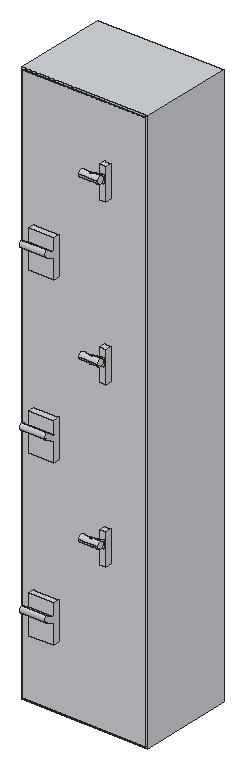
Revit family "M_Centros de controle de motor modular - Corte do disjuntor", category Equipamento elétrico, Revit 2019
Family settings
  Cota do conector redondo = Utilizar diâmetro
  Tipo de parte = Quadro elétrico
  Número OmniClass = 23.80.30.11.17
  Título OmniClass = Distribution Boards and Control Panels
  ID de item do Seek = Modular Motor Control Centers - Circuit Breaker Section-0000-CAN-ENU
  Com base no plano de trabalho = Não
  Sempre na vertical = Sim
  Corte com vazios quando carregada = Não
  Compartilhado = Não
  Ponto de cálculo do ambiente = Não
Parameters (values of type "508mmx381mm")
  Voltagem do interruptor = 480 V
  Material do interruptor = none
  Número de pólos = 3
  built-in parameter 1140079 [instance] = 3
  MCC Largura = Largura do armário + 102 mm  # 483 mm
  MCC Material = none
  Classificação de carga = AVAC
  Meio comprimento = Comprimento do armário / 2  # 254 mm
  built-in parameter 1140083 [instance] = "Tipo 12"
  built-in parameter 1140087 [instance] = 1
  Largura do armário = 381 mm
  Comprimento do armário = 508 mm
Types (4, lengths in mm): name | MCC Largura | Meio comprimento | Largura do armário | Comprimento do armário
  (no name) | 483 | 254 | 381 | 508
  508mmx381mm | 483 | 254 | 381 | 508
  508mmx508mm | 610 | 254 | 508 | 508
  610mmx508mm | 610 | 305 | 508 | 610
Reference planes
  plane 1 "Centro (Frente/Trás)": y = 0
  plane 2: z = 0
  plane 3 "Centro (Esquerda/Direita)": x = 0
  plane 4: y = -483
  plane 5: x = -254
  plane 6: x = 254
  plane 7: y = -381.4
  plane 8: z = 2286
  plane 9: y = -384.575
  plane 10: x = -247.65
  plane 11: x = 247.65
  plane 12: z = 2279.65
  plane 13: z = 6.35
  plane 14: x = -203.2
  plane 15: x = -101.6
  plane 16: y = -435.375
  plane 17: y = -448.075
  plane 18: z = 2063.75
  plane 19: z = 1936.75
  plane 20: x = -152.4
  plane 21: z = 1987.55
  plane 22: x = 95.25
  plane 23: x = 82.55
  plane 24: x = 107.95
  plane 25: x = 92.075
  plane 26: x = 98.425
  plane 27: x = 57.15
  plane 28: x = 133.35
  plane 29: y = -409.975
  plane 30: z = 2031.726
  plane 31: z = 2000.25
  plane 32: y = -470.3
  plane 33: y = -190.7
  plane 34: z = 2050.816
  plane 35: z = 1581.15
  plane 36: z = 1733.55
  plane 37: z = 1657.35
  plane 38: z = 1403.35
  plane 39: z = 1276.35
  plane 40: z = 920.75
  plane 41: z = 1073.15
  plane 42: z = 742.95
  plane 43: z = 615.95
  plane 44: z = 260.35
  plane 45: z = 412.75
  plane 46: z = 1390.416
  plane 47: z = 730.016
Forms (mm)
  Extrusion 1, solid, material <- "MCC Material"
    sketch origin (0, 0, 0) x (1, 0, 0) y (0, 1, 0)
      loop
        line (-254, -381.4) -> (254, -381.4) -> (254, 0) -> (-254, 0) -> (-254, -381.4)
    from 2286 to 0
  Extrusion 2, solid, material <- "MCC Material", detail levels fine
    sketch origin (0, 0, 0) x (1, 0, 0) y (0, 1, 0)
      loop
        line (-247.65, -384.575) -> (247.65, -384.575) -> (247.65, -381.4) -> (-247.65, -381.4) -> (-247.65, -384.575)
    from 6.35 to 2279.65
  Extrusion 3, solid, material <- "Material do interruptor", detail levels fine
    sketch origin (0, 0, 0) x (1, 0, 0) y (0, 0, 1)
      loop
        line (82.55, 1936.75) -> (107.95, 1936.75) -> (107.95, 2063.75) -> (82.55, 2063.75) -> (82.55, 1936.75)
    from 409.975 to 384.575
  Extrusion 4, solid, material <- "Material do interruptor", detail levels fine
    sketch origin (0, 0, 0) x (0, 1, 0) y (0, 0, 1)
      loop
        line (-409.975, 2031.726) -> (-470.3, 2066.554) -> (-470.3, 2035.079) -> (-409.975, 2000.25) -> (-409.975, 2031.726)
    from 98.425 to 92.075
  Extrusion 5, solid, material <- "Material do interruptor", detail levels fine
    sketch origin (0, 0, 0) x (0, 1, 0) y (0, 0, 1)
      loop
        circle (-470.3, 2050.816) r 12.7
    from 57.15 to 133.35
  Extrusion 6, solid, material <- "Material do interruptor", detail levels fine
    sketch origin (0, 0, -660.4) x (1, 0, 0) y (0, 0, 1)
      loop
        line (82.55, 1936.75) -> (107.95, 1936.75) -> (107.95, 2063.75) -> (82.55, 2063.75) -> (82.55, 1936.75)
    from 409.975 to 384.575
  Extrusion 7, solid, material <- "Material do interruptor", detail levels fine
    sketch origin (0, 0, -661.987) x (0, 1, 0) y (0, 0, 1)
      loop
        line (-409.975, 2031.726) -> (-470.3, 2066.554) -> (-470.3, 2035.079) -> (-409.975, 2000.25) -> (-409.975, 2031.726)
    from 98.425 to 92.075
  Extrusion 8, solid, material <- "Material do interruptor", detail levels fine
    sketch origin (0, 0, -660.4) x (0, 1, 0) y (0, 0, 1)
      loop
        circle (-470.3, 2050.816) r 12.7
    from 57.15 to 133.35
  Extrusion 9, solid, material <- "Material do interruptor", detail levels fine
    sketch origin (0, 0, -1320.8) x (1, 0, 0) y (0, 0, 1)
      loop
        line (82.55, 1936.75) -> (107.95, 1936.75) -> (107.95, 2063.75) -> (82.55, 2063.75) -> (82.55, 1936.75)
    from 409.975 to 384.575
  Extrusion 10, solid, material <- "Material do interruptor", detail levels fine
    sketch origin (0, 0, -1320.8) x (0, 1, 0) y (0, 0, 1)
      loop
        line (-409.975, 2031.726) -> (-470.3, 2066.554) -> (-470.3, 2035.079) -> (-409.975, 2000.25) -> (-409.975, 2031.726)
    from 98.425 to 92.075
  Extrusion 11, solid, material <- "Material do interruptor", detail levels fine
    sketch origin (0, 0, -1320.8) x (0, 1, 0) y (0, 0, 1)
      loop
        circle (-470.3, 2050.816) r 12.7
    from 57.15 to 133.35
  Extrusion 12, solid, material <- "Material do interruptor", detail levels fine
    sketch origin (0, 0, 0) x (0, 1, 0) y (0, 0, 1)
      loop
        line (-384.575, 1581.15) -> (-384.575, 1733.55) -> (-409.975, 1733.55) -> (-409.975, 1682.75) -> (-448.075, 1704.747)
        arc (-448.075, 1704.747) -> (-455.407, 1692.047) -> (-448.075, 1679.347) r 14.665
        line (-448.075, 1679.347) -> (-409.975, 1657.35) -> (-409.975, 1581.15) -> (-384.575, 1581.15)
    from -203.2 to -101.6
  Extrusion 13, solid, material <- "Material do interruptor", detail levels fine
    sketch origin (0, 0, -660.4) x (0, 1, 0) y (0, 0, 1)
      loop
        line (-384.575, 1581.15) -> (-384.575, 1733.55) -> (-409.975, 1733.55) -> (-409.975, 1682.75) -> (-448.075, 1704.747)
        arc (-448.075, 1704.747) -> (-455.407, 1692.047) -> (-448.075, 1679.347) r 14.665
        line (-448.075, 1679.347) -> (-409.975, 1657.35) -> (-409.975, 1581.15) -> (-384.575, 1581.15)
    from -203.2 to -101.6
  Extrusion 14, solid, material <- "Material do interruptor", detail levels fine
    sketch origin (0, 0, -1320.8) x (0, 1, 0) y (0, 0, 1)
      loop
        line (-384.575, 1581.15) -> (-384.575, 1733.55) -> (-409.975, 1733.55) -> (-409.975, 1682.75) -> (-448.075, 1704.747)
        arc (-448.075, 1704.747) -> (-455.407, 1692.047) -> (-448.075, 1679.347) r 14.665
        line (-448.075, 1679.347) -> (-409.975, 1657.35) -> (-409.975, 1581.15) -> (-384.575, 1581.15)
    from -203.2 to -101.6
Cuts and joins
  joined: Extrusion 3, Extrusion 4, Extrusion 5
  joined: Extrusion 6, Extrusion 7, Extrusion 8
  joined: Extrusion 9, Extrusion 10, Extrusion 11
Lines and regions (mm)
  model lines, detail levels fine
    curve 1: line (-247.65, -384.575, 2139.95) -> (247.65, -384.575, 2139.95)
    curve 2: line (165.1, -384.575, 2127.25) -> (165.1, -384.575, 158.75)
    curve 3: line (152.4, -384.575, 2127.25) -> (152.4, -384.575, 158.75)
    curve 4: line (-247.65, -384.575, 2127.25) -> (152.4, -384.575, 2127.25)
    curve 5: line (-247.65, -384.575, 1479.55) -> (152.4, -384.575, 1479.55)
    curve 6: line (-247.65, -384.575, 1466.85) -> (152.4, -384.575, 1466.85)
    curve 7: line (-247.65, -384.575, 819.15) -> (152.4, -384.575, 819.15)
    curve 8: line (-247.65, -384.575, 806.45) -> (152.4, -384.575, 806.45)
    curve 9: line (-247.65, -384.575, 158.75) -> (152.4, -384.575, 158.75)
    curve 10: line (-247.65, -384.575, 146.05) -> (247.65, -384.575, 146.05)
    curve 11: line (165.1, -384.575, 2127.25) -> (247.65, -384.575, 2127.25)
    curve 12: line (165.1, -384.575, 158.75) -> (247.65, -384.575, 158.75)
Dimensions and locks
  "MCC Largura": plane 4 to plane 1 "Centro (Frente/Trás)"
  "Meio comprimento": plane 5 to plane 3 "Centro (Esquerda/Direita)"
  "Meio comprimento": plane 6 to plane 3 "Centro (Esquerda/Direita)"
  locked: plane 7 to plane 4 at 101.6
  locked: plane 8 to plane 2 at 2286
  locked: plane 9 to plane 4 at 98.425
  locked: plane 5 to plane 10 at 6.35
  locked: plane 11 to plane 6 at 6.35
  locked: plane 8 to plane 12 at 6.35
  locked: plane 13 to plane 2 at 6.35
  locked: curve 2 to plane 6 at 88.9
  locked: curve 3 to curve 2 at 12.7
  locked: plane 5 to plane 14 at 50.8
  locked: plane 9 to plane 16 at 50.8
  locked: plane 16 to plane 17 at 12.7
  locked: plane 18 to plane 19 at 127
  equal spacing: plane 15, plane 20, plane 14
  locked: plane 22 to plane 6 at 158.75
  plane 23 to plane 22 to plane 24 = 12.7 mm locked, 12.7 mm locked
  plane 25 to plane 22 to plane 26 = 3.175 mm locked, 3.175 mm locked
  locked: plane 27 to plane 22 at 38.1
  locked: plane 22 to plane 28 at 38.1
  locked: plane 9 to plane 29 at 25.4
  locked: plane 18 to plane 30 at 32.024
  locked: plane 31 to plane 19 at 63.5
  locked: plane 32 to plane 4 at 12.7
  equal spacing: plane 7, plane 33, plane 1 "Centro (Frente/Trás)"
  locked: connector elem to plane 6 at 50.8
  locked: connector elem to plane 33
  locked: plane 8 to plane 18 at 222.25
  locked: plane 19 to plane 35 at 355.6
  locked: plane 36 to plane 35 at 152.4
  locked: plane 14 to plane 15 at 101.6
  locked: plane 38 to plane 39 at 127
  locked: plane 39 to plane 40 at 355.6
  locked: plane 41 to plane 40 at 152.4
  locked: plane 18 to plane 38 at 660.4
  locked: plane 42 to plane 43 at 127
  locked: plane 43 to plane 44 at 355.6
  locked: plane 45 to plane 44 at 152.4
  locked: plane 38 to plane 42 at 660.4
  locked: plane 21 to cut or joined group of Extrusion 3, Extrusion 4, Extrusion 5 (angle 30.00°)  (x2)
  locked: plane 39 to cut or joined group of Extrusion 6, Extrusion 7, Extrusion 8 (angle 30.00°)  (x2)
  locked: plane 43 to cut or joined group of Extrusion 9, Extrusion 10, Extrusion 11 (angle 30.00°)  (x2)
  aligned and locked: plane 5 to Extrusion 1 sketch curve
  aligned and locked: Extrusion 1 sketch curve to plane 7
  aligned and locked: plane 1 "Centro (Frente/Trás)" to Extrusion 1 sketch curve
  aligned and locked: plane 6 to Extrusion 1 sketch curve
  aligned and locked: plane 8 to Extrusion 1
  aligned and locked: Extrusion 1 to plane 2
  aligned and locked: plane 10 to Extrusion 2 sketch curve
  aligned and locked: Extrusion 2 sketch curve to plane 9
  aligned and locked: plane 7 to Extrusion 2 sketch curve
  aligned and locked: plane 11 to Extrusion 2 sketch curve
  aligned and locked: Extrusion 2 to plane 13
  aligned and locked: plane 12 to Extrusion 2
  aligned and locked: plane 10 to curve 1
  aligned and locked: plane 11 to curve 1
  aligned and locked: plane 11 to curve 12
  aligned and locked: plane 23 to Extrusion 3 sketch curve
  aligned and locked: Extrusion 3 sketch curve to plane 19
  aligned and locked: plane 18 to Extrusion 3 sketch curve
  aligned and locked: plane 24 to Extrusion 3 sketch curve
  aligned and locked: Extrusion 3 to plane 9
  aligned and locked: plane 29 to Extrusion 3
  aligned and locked: plane 25 to Extrusion 4
  aligned and locked: plane 26 to Extrusion 4
  aligned and locked: plane 29 to cut or joined group of Extrusion 3, Extrusion 4, Extrusion 5  (x2)
  aligned and locked: plane 18 to cut or joined group of Extrusion 3, Extrusion 4, Extrusion 5
  aligned and locked: cut or joined group of Extrusion 3, Extrusion 4, Extrusion 5 to plane 19
  aligned and locked: Extrusion 4 sketch curve to Extrusion 4 sketch curve
  aligned and locked: plane 29 to Extrusion 4 sketch curve
  aligned and locked: plane 32 to Extrusion 4 sketch curve
  aligned and locked: plane 34 to Extrusion 5 sketch curve
  aligned and locked: plane 32 to Extrusion 5 sketch curve
  aligned and locked: plane 28 to cut or joined group of Extrusion 3, Extrusion 4, Extrusion 5
  aligned and locked: cut or joined group of Extrusion 3, Extrusion 4, Extrusion 5 to plane 27
  aligned and locked: Extrusion 7 sketch curve to Extrusion 7 sketch curve
  aligned and locked: Extrusion 10 sketch curve to Extrusion 10 sketch curve
  aligned and locked: plane 17 to Extrusion 12 sketch curve  (x2)
  aligned and locked: plane 29 to Extrusion 12 sketch curve  (x2)
  aligned and locked: Extrusion 12 sketch curve to plane 36
  aligned and locked: plane 35 to Extrusion 12 sketch curve
  aligned and locked: Extrusion 12 sketch curve to plane 9
  aligned and locked: Extrusion 12 to plane 14
  aligned and locked: plane 15 to Extrusion 12
  aligned and locked: Extrusion 13 to plane 14
  aligned and locked: plane 15 to Extrusion 13
  aligned and locked: Extrusion 14 to plane 14
  aligned and locked: plane 15 to Extrusion 14
  aligned and locked: cut or joined group of Extrusion 3, Extrusion 4, Extrusion 5 to plane 29
  aligned and locked: plane 29 to Extrusion 6
  aligned and locked: plane 29 to Extrusion 9
  aligned and locked: Extrusion 7 to plane 29
  aligned and locked: Extrusion 10 to plane 29
  aligned and locked: Extrusion 6 to plane 23
  aligned and locked: plane 24 to Extrusion 6
  aligned and locked: Extrusion 7 to plane 25
  aligned and locked: plane 26 to Extrusion 7
  aligned and locked: Extrusion 9 to plane 23
  aligned and locked: plane 24 to Extrusion 9
  aligned and locked: Extrusion 10 to plane 25
  aligned and locked: plane 26 to Extrusion 10
  aligned and locked: Extrusion 11 to plane 27
  aligned and locked: plane 28 to Extrusion 11
  aligned and locked: Extrusion 8 to plane 27
  aligned and locked: plane 28 to Extrusion 8
  aligned and locked: plane 9 to Extrusion 9
  aligned and locked: plane 9 to Extrusion 6
  aligned and locked: plane 32 to Extrusion 11 sketch curve
  aligned and locked: plane 32 to Extrusion 8 sketch curve
  aligned and locked: plane 38 to cut or joined group of Extrusion 6, Extrusion 7, Extrusion 8
  aligned and locked: cut or joined group of Extrusion 6, Extrusion 7, Extrusion 8 to plane 39
  aligned and locked: plane 41 to Extrusion 13
  aligned and locked: Extrusion 13 to plane 40
  aligned and locked: plane 42 to cut or joined group of Extrusion 9, Extrusion 10, Extrusion 11
  aligned and locked: cut or joined group of Extrusion 9, Extrusion 10, Extrusion 11 to plane 43
  aligned and locked: plane 45 to Extrusion 14
  aligned and locked: Extrusion 14 to plane 44
  aligned and locked: plane 9 to Extrusion 14
  aligned and locked: plane 9 to Extrusion 13
  aligned and locked: plane 46 to Extrusion 8 sketch curve
  aligned and locked: plane 47 to Extrusion 11 sketch curve
Automatic sketch dimensions
  Extrusion 12 sketch curve to plane 37 = 0 mm
  Extrusion 12 sketch curve to plane 16 = 5.368 mm
  plane 37 to Extrusion 12 sketch curve = 21.997 mm
  Extrusion 12 sketch curve to Extrusion 12 sketch curve = 25.4 mm
  Extrusion 12 sketch curve to Extrusion 12 sketch curve = 12.7 mm
  curve 10 to Extrusion 2 = 0 mm  (x2)
  curve 9 to Extrusion 2 = 0 mm
  curve 8 to Extrusion 2 = 0 mm
  curve 7 to Extrusion 2 = 0 mm
  curve 6 to Extrusion 2 = 0 mm
  curve 4 to Extrusion 2 = 0 mm
  curve 5 to Extrusion 2 = 0 mm
  curve 11 to Extrusion 2 = 0 mm
  Extrusion 2 to curve 10 = 139.7 mm
  curve 10 to curve 2 = 12.7 mm
  curve 3 to curve 2 = 0 mm
  curve 9 to curve 8 = 647.7 mm
  curve 8 to curve 7 = 12.7 mm
  curve 7 to curve 6 = 647.7 mm
  curve 6 to curve 5 = 12.7 mm
  Extrusion 2 to curve 4 = 152.4 mm
  curve 2 to curve 3 = 0 mm
  curve 4 to curve 1 = 12.7 mm
  Extrusion 4 sketch curve to plane 31 = 0 mm
  Extrusion 4 sketch curve to plane 30 = 0 mm
  plane 30 to Extrusion 4 sketch curve = 3.353 mm
  plane 18 to Extrusion 4 sketch curve = 2.804 mm
  Extrusion 6 sketch curve to plane 23 = 0 mm
  Extrusion 6 sketch curve to plane 24 = 0 mm
  Extrusion 6 sketch curve to plane 39 = 0 mm
  Extrusion 6 sketch curve to plane 38 = 0 mm
  Extrusion 7 sketch curve to plane 32 = 0 mm
  Extrusion 7 sketch curve to plane 29 = 0 mm
  Extrusion 7 sketch curve to plane 38 = 65.088 mm
  Extrusion 7 sketch curve to Extrusion 7 sketch curve = 31.476 mm
  Extrusion 7 sketch curve to plane 38 = 30.259 mm
  plane 38 to Extrusion 7 sketch curve = 1.217 mm
  Extrusion 9 sketch curve to plane 23 = 0 mm
  Extrusion 9 sketch curve to plane 24 = 0 mm
  Extrusion 9 sketch curve to plane 43 = 0 mm
  Extrusion 9 sketch curve to plane 42 = 0 mm
  Extrusion 10 sketch curve to plane 32 = 0 mm
  Extrusion 10 sketch curve to plane 29 = 0 mm
  Extrusion 10 sketch curve to plane 42 = 63.5 mm
  Extrusion 10 sketch curve to Extrusion 10 sketch curve = 31.476 mm
  Extrusion 10 sketch curve to plane 42 = 28.671 mm
  plane 42 to Extrusion 10 sketch curve = 2.804 mm
  Extrusion 13 sketch curve to plane 17 = 0 mm  (x2)
  Extrusion 13 sketch curve to plane 29 = 0 mm  (x2)
  plane 9 to Extrusion 13 sketch curve = 0 mm
  Extrusion 13 sketch curve to plane 40 = 0 mm
  Extrusion 13 sketch curve to plane 41 = 0 mm
  Extrusion 13 sketch curve to plane 16 = 5.368 mm
  Extrusion 13 sketch curve to Extrusion 13 sketch curve = 76.2 mm
  Extrusion 13 sketch curve to Extrusion 13 sketch curve = 21.997 mm
  Extrusion 13 sketch curve to Extrusion 13 sketch curve = 25.4 mm
  Extrusion 13 sketch curve to Extrusion 13 sketch curve = 12.7 mm
  Extrusion 14 sketch curve to plane 17 = 0 mm  (x2)
  Extrusion 14 sketch curve to plane 29 = 0 mm  (x2)
  plane 9 to Extrusion 14 sketch curve = 0 mm
  Extrusion 14 sketch curve to plane 44 = 0 mm
  Extrusion 14 sketch curve to plane 45 = 0 mm
  Extrusion 14 sketch curve to plane 16 = 5.368 mm
  Extrusion 14 sketch curve to Extrusion 14 sketch curve = 76.2 mm
  Extrusion 14 sketch curve to Extrusion 14 sketch curve = 21.997 mm
  Extrusion 14 sketch curve to Extrusion 14 sketch curve = 25.4 mm
  Extrusion 14 sketch curve to Extrusion 14 sketch curve = 12.7 mm
  radius of Extrusion 5 sketch curve = 12.7 mm
  radius of Extrusion 8 sketch curve = 12.7 mm
  radius of Extrusion 11 sketch curve = 12.7 mm
Connectors
  electrical at (203.2, -190.7, 2286), driven by "Número de pólos", driven by "Voltagem do interruptor", driven by "Classificação de carga"
    settings: on plane 8, index 1, voltage 480 V, apparent load 0 VA, apparent load phase1 0 VA, apparent load phase2 0 VA, apparent load phase3 0 VA, power factor 0.8, load classification "AVAC", number of poles 3, system type 31, power factor state 1, is connector primary yes, connector utility no, sub classification motor no, connector description ""
  cabletrayconduit at (0, -190.7, 2286), diameter 600
    settings: on Extrusion 1, index 2, connector width 300 mm, connector height 300 mm, connector angle 0.00°, system type 32, placement type 1, profile type 0, connector reference index -1, is primary connector yes, connector utility param no, connector description ""
  cabletrayconduit at (-254, -190.7, 1143), diameter 600
    settings: on Extrusion 1, index 3, connector width 300 mm, connector height 300 mm, connector angle 0.00°, system type 32, placement type 1, profile type 0, connector reference index -1, is primary connector no, connector utility param no, connector description ""
  cabletrayconduit at (254, -190.7, 1143), diameter 600
    settings: on Extrusion 1, index 4, connector width 300 mm, connector height 300 mm, connector angle 0.00°, system type 32, placement type 1, profile type 0, connector reference index -1, is primary connector no, connector utility param no, connector description ""
  cabletrayconduit at (0, 0, 1143), diameter 600
    settings: on Extrusion 1, index 5, connector width 300 mm, connector height 300 mm, connector angle 0.00°, system type 32, placement type 1, profile type 0, connector reference index -1, is primary connector no, connector utility param no, connector description ""
  cabletrayconduit at (0, -190.7, 0), diameter 600
    settings: on Extrusion 1, index 6, connector width 300 mm, connector height 300 mm, connector angle 0.00°, system type 32, placement type 1, profile type 0, connector reference index -1, is primary connector no, connector utility param no, connector description ""
